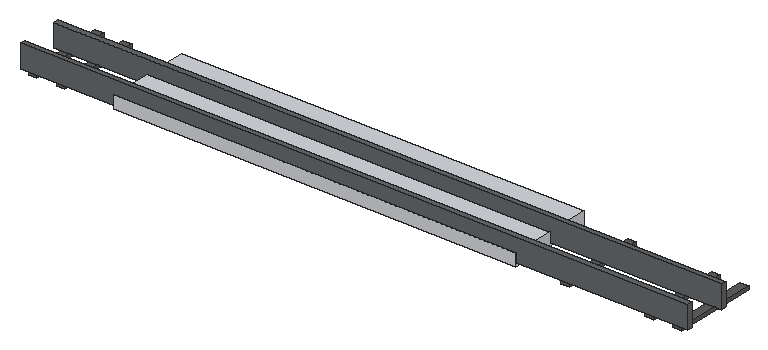
Revit family "1114-2, Solid", category Generic Models, host Face, Revit 2020
Family settings
  Host = Face
  Can host rebar = No
  Round Connector Dimension = Use Diameter
  Part Type = Normal
  Cut with Voids When Loaded = No
  Shared = No
  Room Calculation Point = No
Parameters
  min_value [instance] = 1' - 11 1/4"  # constant formula
  max_value [instance] = 11' - 11 1/4"  # constant formula
  actual_value [instance] = if(NET LENGTH < min_value, min_value, if(NET LENGTH > max_value, max_value, NET LENGTH))  # 7' - 11 1/4"
  SCRIM MATERIAL [instance] = SCRIM
  SCRIM [instance] = yes
  NET LENGTH [instance] = 7' - 11 1/4"
  Default Elevation = 4' - 0"
  BACKER MATERIAL [instance] = BLACK-BACKERS
  .. MEMBER WIDTH [instance] = 0' - 0 3/4"  # constant formula
  .. MEMBER MATERIAL [instance] = Solid Western Hemlock
  .. MEMBER LENGTH [instance] = actual_value  # 7' - 11 1/4"
  .. MEMBER DEPTH [instance] = 0' - 3 1/4"  # constant formula
  .. MEMBER COUNT [instance] = 2  # constant formula
  IMPORTANT NOTE!!!                                                                             *Backer layout is for visualization purposes only, final layout to be determined by 9Wood. [instance] = ""
Reference planes (in)
  plane 1 "Center (Front/Back)": y = 0
  plane 2: z = 1.82209
  plane 3 "Center (Left/Right)": x = 0
Forms (in)
  Extrusion 1, solid
    sketch origin (132, -33.80483, 0) x (1, 0, 0) y (0, 1, 0)
      loop
        line (-118.625, 33.80483) -> (-61.26146, 33.80483) -> (-61.26146, 45.86733) -> (-118.625, 45.86733) -> (-118.625, 33.80483)
    from 1.82209 to 0
Dimensions and locks (in)
  aligned and locked: Extrusion 1 to plane 2
  aligned and locked: plane 3 "Center (Left/Right)" to nested 1
Nested families (in)
  nested 1: "1100 SERIES CONFIG" at (0, 2, 0), .. MEMBER DEPTH <- ".. MEMBER DEPTH", .. MEMBER LENGTH <- ".. MEMBER LENGTH", .. MEMBER WIDTH <- ".. MEMBER WIDTH", .. MEMBER MATERIAL <- ".. MEMBER MATERIAL", BACKING M MATERIAL <- "BACKER MATERIAL", SCRIM  MATERIAL <- "SCRIM MATERIAL", .. MEMBER COUNT <- ".. MEMBER COUNT", SCRIM <- "SCRIM", type "1100 SERIES CONFIG"
    with X 7' - 8", SCRIM OVERHANG 2 0' - 0 3/32", SCRIM OVERHANG 0' - 0 7/8", SCRIM LENGTH 8' - 1", SCRIM  MATERIAL SCRIM, SCRIM yes, NOMINAL LENGTH 7, N 8, Inset 6' - 0 3/8", INSET 0' - 1", INDEX 0' - 5 5/8", HALF MEMBER WIDTH 0' - 0 3/8", HALF LENGTH 3' - 11 5/8", END BACKER yes, BACKING M WIDTH 0' - 1 1/4", BACKING M OC SPACING 1' - 0", BACKING M MATERIAL BLACK-BACKERS, BACKING M LENGTH 0' - 11 7/8", BACKING M DEPTH 0' - 0 1/2", BACKING M COUNT 8, 3/16" INSET 0' - 0 3/16", .. MEMBER WIDTH 0' - 0 3/4", .. MEMBER OC SPACING 0' - 6", .. MEMBER MATERIAL Solid Western Hemlock, .. MEMBER LENGTH 7' - 11 1/4", .. MEMBER DEPTH 0' - 3 1/4", .. MEMBER COUNT 2
Definition of nested family "1100 SERIES CONFIG"
  Parameters (values of type "1100 SERIES CONFIG")
    X [instance] = .. MEMBER LENGTH - 0' 3 1/4"  # 3' - 2"
    SCRIM OVERHANG 2 [instance] = 0' - 0 3/32"  # constant formula
    SCRIM OVERHANG [instance] = 0' - 0 7/8"  # constant formula
    SCRIM LENGTH [instance] = .. MEMBER LENGTH + (SCRIM OVERHANG * 2)  # 3' - 7"
    SCRIM  MATERIAL [instance] = none
    SCRIM [instance] = yes
    NOMINAL LENGTH [instance] = 7
    N [instance] = if((X - (rounddown(X / 1' 0") * 1' 0")) > 1' 0", rounddown(X / 1' 0") + 2, rounddown(X / 1' 0") + 1)  # 4
    Inset [instance] = 6' - 0 3/8"  # constant formula
    INSET [instance] = 0' - 1"  # constant formula
    INDEX [instance] = (.. MEMBER LENGTH - ((N - 1) * 1' 0")) / 2  # 0' - 2 5/8"
    HALF MEMBER WIDTH [instance] = .. MEMBER WIDTH / 2  # 0' - 0 5/16"
    HALF LENGTH [instance] = .. MEMBER LENGTH / 2  # 1' - 8 5/8"
    END BACKER [instance] = INDEX > 0' 3 5/8"  # no
    Default Elevation = 0' - 0"
    BACKING M WIDTH [instance] = 0' - 1 1/4"
    BACKING M SPACING = 3' - 3"
    BACKING M MATERIAL [instance] = none
    BACKING M LENGTH [instance] = 0' - 11 7/8"
    BACKING M DEPTH [instance] = 0' - 0 1/2"
    BACKING M COUNT [instance] = N  # 4
    BACKING M OC SPACING [instance] = 1' - 0"  # constant formula
    3/16" INSET [instance] = 0' - 0 3/16"  # constant formula
    .. MEMBER WIDTH [instance] = 0' - 0 5/8"
    .. MEMBER OC SPACING [instance] = 1' 0" / .. MEMBER COUNT  # 0' - 4"
    .. MEMBER MATERIAL [instance] = none
    .. MEMBER LENGTH [instance] = 3' - 5 1/4"
    .. MEMBER DEPTH [instance] = 0' - 1 3/8"
    .. MEMBER COUNT [instance] = 3
  Reference planes (in)
    plane 1 "Center (Front/Back)": y = -2
    plane 2: z = 0
    plane 3 "Center (Left/Right)": x = 0
    plane 4: x = 1
    plane 5: x = 2.625
    plane 6: x = 20.625
    plane 7: x = 41.25
    plane 8: x = 40.25
    plane 9: x = 14.625
    plane 10: y = -1.8125
    plane 11: y = -1.6875
    plane 12: y = 2.3125
    plane 13: x = 42.125
    plane 14: x = -0.875
    plane 15: z = 0.5
    plane 16: y = 10.0625
    plane 17: y = 10.15625
    plane 18: y = -2.09375
  Dimensions and locks (in)
    "INSET": plane 3 "Center (Left/Right)" to plane 4
    "INDEX": plane 3 "Center (Left/Right)" to plane 5
    "HALF LENGTH": plane 3 "Center (Left/Right)" to plane 6
    ".. MEMBER LENGTH": plane 3 "Center (Left/Right)" to plane 7
    "INSET": plane 8 to plane 7
    equal spacing: group 2, group 3, group 6, group 7  (x3)
    "3/16" INSET": plane 1 "Center (Front/Back)" to plane 10
    ".. MEMBER OC SPACING": plane 12 to plane 11
    "SCRIM OVERHANG": plane 14 to plane 3 "Center (Left/Right)"
    "SCRIM OVERHANG": plane 7 to plane 13
    equal spacing: group 5, group 4, group 1  (x2)
    equal spacing: group 1, group 4, group 5
    "HALF MEMBER WIDTH": plane 1 "Center (Front/Back)" to plane 11
    "BACKING M OC SPACING": plane 5 to plane 9
    "SCRIM OVERHANG 2": plane 17 to plane 16
    "SCRIM OVERHANG 2": plane 18 to plane 1 "Center (Front/Back)"
    aligned and locked: level to plane 2
    aligned and locked: plane 6 to nested 1
    aligned and locked: nested 2 to plane 4
    aligned and locked: plane 5 to nested 3
    aligned and locked: plane 1 "Center (Front/Back)" to nested 1
    aligned and locked: nested 2 to plane 10
    aligned and locked: nested 3 to plane 10
    aligned and locked: nested 5 to plane 10
    aligned and locked: nested 4 to plane 10
    aligned and locked: plane 12 to nested 6
    aligned and locked: nested 6 to plane 3 "Center (Left/Right)"
    aligned and locked: plane 9 to nested 5
    aligned and locked: plane 8 to nested 4
    aligned and locked: plane 15 to nested 2
    aligned and locked: nested 7 to plane 15
    aligned and locked: nested 6 to plane 15
  Nested families (in)
    nested 1: "INSTANCE - Parametric Cube" at (20.625, -1.6875, 1.875), Length <- ".. MEMBER WIDTH", Height <- ".. MEMBER DEPTH", Width <- ".. MEMBER LENGTH", Material <- ".. MEMBER MATERIAL", type "INSTANCE - Parametric Cube"
      with Width 3' - 5 1/4", Material none, Length 0' - 0 5/8", Height 0' - 1 3/8"
    nested 2: "2ND INSTANCE - Parametric Cube" at (1.625, 4.125, 0), Height <- "BACKING M DEPTH", Length <- "BACKING M LENGTH", Width <- "BACKING M WIDTH", Material <- "BACKING M MATERIAL", visible <- "END BACKER", type "2ND INSTANCE - Parametric Cube"
      with Width 0' - 1 1/4", Material none, Length 0' - 11 7/8", Height 0' - 0 1/2"
    nested 3: "2ND INSTANCE - Parametric Cube" at (2.625, 4.125, 0), Length <- "BACKING M LENGTH", Height <- "BACKING M DEPTH", Width <- "BACKING M WIDTH", Material <- "BACKING M MATERIAL", type "2ND INSTANCE - Parametric Cube"
      with Width 0' - 1 1/4", Material none, Length 0' - 11 7/8", Height 0' - 0 1/2"
    nested 4: "2ND INSTANCE - Parametric Cube" at (39.625, 4.125, 0), Width <- "BACKING M WIDTH", Length <- "BACKING M LENGTH", Height <- "BACKING M DEPTH", Material <- "BACKING M MATERIAL", visible <- "END BACKER", type "2ND INSTANCE - Parametric Cube"
      with Width 0' - 1 1/4", Material none, Length 0' - 11 7/8", Height 0' - 0 1/2"
    nested 5: "2ND INSTANCE - Parametric Cube" at (14.625, 4.125, 0), Length <- "BACKING M LENGTH", Height <- "BACKING M DEPTH", Width <- "BACKING M WIDTH", Material <- "BACKING M MATERIAL", type "2ND INSTANCE - Parametric Cube"
      with Width 0' - 1 1/4", Material none, Length 0' - 11 7/8", Height 0' - 0 1/2"
    nested 6: "INSTANCE - Parametric Cube" at (20.625, 2.3125, 1.875), Length <- ".. MEMBER WIDTH", Height <- ".. MEMBER DEPTH", Width <- ".. MEMBER LENGTH", Material <- ".. MEMBER MATERIAL", type "INSTANCE - Parametric Cube"
      with Width 3' - 5 1/4", Material none, Length 0' - 0 5/8", Height 0' - 1 3/8"
    nested 7: "INSTANCE - Parametric Cube" at (20.625, 6.3125, 1.875), Length <- ".. MEMBER WIDTH", Height <- ".. MEMBER DEPTH", Width <- ".. MEMBER LENGTH", Material <- ".. MEMBER MATERIAL", type "INSTANCE - Parametric Cube"
      with Width 3' - 5 1/4", Material none, Length 0' - 0 5/8", Height 0' - 1 3/8"
    nested 8: "2ND INSTANCE - Parametric Cube" at (26.625, 4.125, 0), Length <- "BACKING M LENGTH", Height <- "BACKING M DEPTH", Width <- "BACKING M WIDTH", Material <- "BACKING M MATERIAL", type "2ND INSTANCE - Parametric Cube"
      with Width 0' - 1 1/4", Material none, Length 0' - 11 7/8", Height 0' - 0 1/2"
    nested 9: "2ND INSTANCE - Parametric Cube" at (38.625, 4.125, 0), Length <- "BACKING M LENGTH", Height <- "BACKING M DEPTH", Width <- "BACKING M WIDTH", Material <- "BACKING M MATERIAL", type "2ND INSTANCE - Parametric Cube"
      with Width 0' - 1 1/4", Material none, Length 0' - 11 7/8", Height 0' - 0 1/2"
  Definition of nested family "INSTANCE - Parametric Cube"
    Parameters (values of type "INSTANCE - Parametric Cube")
      Width [instance] = 0' - 6"
      Material [instance] = none
      Length [instance] = 1' - 0"
      Height [instance] = 1' - 6"
      Default Elevation = 0' - 0"
    Reference planes (in)
      plane 1 "Center (Front/Back)": y = 0
      plane 2: z = 0
      plane 3 "Center (Left/Right)": x = 0
      plane 4: x = -3
      plane 5: x = 3
      plane 6: y = 6
      plane 7: y = -6
      plane 8: z = -18
    Forms (in)
      Extrusion 1, solid, material <- "Material"
        sketch origin (0, 0, 0) x (1, 0, 0) y (0, 1, 0)
          loop
            line (-3, 6) -> (-3, -6) -> (3, -6) -> (3, 6) -> (-3, 6)
        from -18 to 0
    Dimensions and locks (in)
      equal spacing: plane 4, plane 3 "Center (Left/Right)", plane 5
      equal spacing: plane 6, plane 1 "Center (Front/Back)", plane 7
      "Length": plane 6 to plane 7
      "Width": plane 4 to plane 5
      "Height": plane 8 to level
      aligned and locked: plane 2 to level
      aligned and locked: Extrusion 1 sketch curve to plane 6
      aligned and locked: plane 4 to Extrusion 1 sketch curve
      aligned and locked: plane 7 to Extrusion 1 sketch curve
      aligned and locked: Extrusion 1 sketch curve to plane 5
      aligned and locked: Extrusion 1 to plane 8
  Definition of nested family "2ND INSTANCE - Parametric Cube"
    Parameters (values of type "2ND INSTANCE - Parametric Cube")
      Width [instance] = 0' - 6"
      Material [instance] = none
      Length [instance] = 1' - 0"
      Height [instance] = 1' - 6"
      Default Elevation = 0' - 0"
    Reference planes (in)
      plane 1 "Center (Front/Back)": y = 0
      plane 2: z = 0
      plane 3 "Center (Left/Right)": x = 0
      plane 4: x = -3
      plane 5: x = 3
      plane 6: y = 6
      plane 7: y = -6
      plane 8: z = 18
    Forms (in)
      Extrusion 1, solid, material <- "Material"
        sketch origin (0, 0, 0) x (1, 0, 0) y (0, 1, 0)
          loop
            line (-3, 6) -> (-3, -6) -> (3, -6) -> (3, 6) -> (-3, 6)
        from 0 to 18
    Dimensions and locks (in)
      equal spacing: plane 4, plane 3 "Center (Left/Right)", plane 5
      equal spacing: plane 6, plane 1 "Center (Front/Back)", plane 7
      "Length": plane 6 to plane 7
      "Width": plane 4 to plane 5
      "Height": level to plane 8
      aligned and locked: plane 2 to level
      aligned and locked: Extrusion 1 sketch curve to plane 6
      aligned and locked: plane 4 to Extrusion 1 sketch curve
      aligned and locked: plane 7 to Extrusion 1 sketch curve
      aligned and locked: Extrusion 1 sketch curve to plane 5
      aligned and locked: plane 8 to Extrusion 1
      aligned and locked: Extrusion 1 to level
